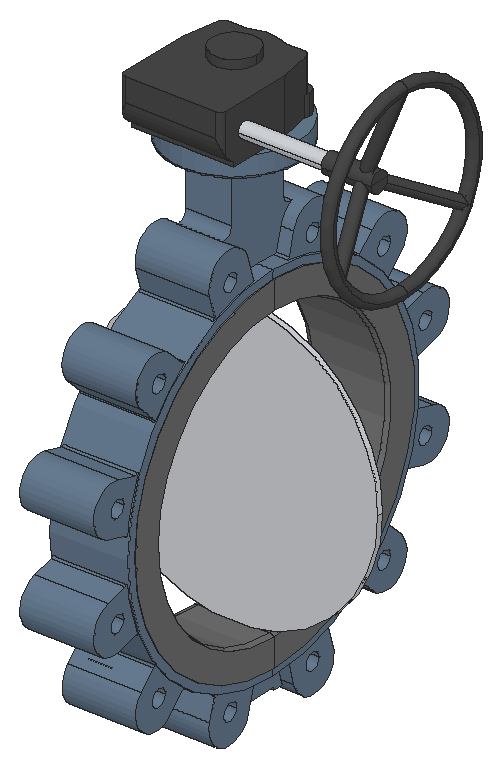
Revit family "Absperr- und Regulierklappe mit Getriebe AF-4219", category Rohrzubehör, Revit 2019 (continued)
Definition of nested family "Getriebe für Klappe DN50-DN200"
  Dimensions and locks
    "R01": radius of Extrusion 1 sketch curve
    "R03": radius of Extrusion 2 sketch curve  (x2)
    "R06": radius of Revolve 6 sketch curve
    "W01": angle Extrusion 1 sketch curve to Extrusion 1 sketch curve  (x2)
    aligned and locked: level to plane 2
  Automatic sketch dimensions
    Extrusion 3 sketch curve to level = 0 mm
    plane 1 "Mitte (Vorne/hinten)" to Extrusion 3 sketch curve = 80 mm
    Extrusion 3 sketch curve to Extrusion 3 sketch curve = 15.427 mm
    Extrusion 3 sketch curve to Extrusion 3 sketch curve = 13.173 mm
    level to Extrusion 3 sketch curve = 4.9 mm
    plane 1 "Mitte (Vorne/hinten)" to Extrusion 5 sketch curve = 0 mm
    Extrusion 5 sketch curve to plane 3 "Mitte (Links/rechts)" = 0 mm
    level to Revolve 7 sketch curve = 28.6 mm  (x2)
    plane 3 "Mitte (Links/rechts)" to Revolve 7 sketch curve = 172 mm
    level to Revolve 7 sketch curve = 26.361 mm
    Revolve 7 sketch curve to Revolve 7 sketch curve = 5.567 mm
    level to Revolve 7 sketch curve = 120.6 mm
    Revolve 7 sketch curve to Revolve 7 sketch curve = 0 mm  (x3)
    plane 3 "Mitte (Links/rechts)" to Revolve 10 sketch curve = 172 mm
    Revolve 10 sketch curve to Revolve 10 sketch curve = 5.567 mm
    Revolve 10 sketch curve to Revolve 10 sketch curve = 37 mm
    Revolve 10 sketch curve to Revolve 10 sketch curve = 2.239 mm
    Revolve 10 sketch curve to Revolve 10 sketch curve = 0 mm  (x4)
    plane 3 "Mitte (Links/rechts)" to Revolve 9 sketch curve = 172 mm
    Revolve 9 sketch curve to Revolve 9 sketch curve = 5.567 mm
    Revolve 9 sketch curve to Revolve 9 sketch curve = 37 mm
    Revolve 9 sketch curve to Revolve 9 sketch curve = 2.239 mm
    Revolve 9 sketch curve to Revolve 9 sketch curve = 0 mm  (x4)
    Extrusion 1 sketch curve to plane 3 "Mitte (Links/rechts)" = 0 mm
    plane 1 "Mitte (Vorne/hinten)" to Extrusion 1 sketch curve = 0 mm  (x2)
    Extrusion 1 sketch curve to plane 1 "Mitte (Vorne/hinten)" = 35.392 mm
    Extrusion 1 sketch curve to Extrusion 1 sketch curve = 18.48 mm  (x2)
    Extrusion 2 sketch curve to plane 3 "Mitte (Links/rechts)" = 35.7 mm
    plane 3 "Mitte (Links/rechts)" to Extrusion 2 sketch curve = 35.7 mm
    Revolve 4 sketch curve to plane 3 "Mitte (Links/rechts)" = 0 mm  (x2)
    Revolve 4 sketch curve to Revolve 4 sketch curve = 0 mm  (x2)
    Revolve 6 sketch curve to plane 3 "Mitte (Links/rechts)" = 1506.53 mm
    Revolve 6 sketch curve to Revolve 6 sketch curve = 1630.148 mm
    Revolve 8 sketch curve to Revolve 8 sketch curve = 7.5 mm
    Revolve 8 sketch curve to Revolve 8 sketch curve = 0 mm  (x2)
    radius of Extrusion 5 sketch curve = 22.3 mm
Definition of nested family "Getriebe für Klappe DN250-DN300"
  Parameters (values of type "Getriebe für Klappe DN250-DN300")
    W01 = 11.19°  # constant formula
    URL = "www.herz-armaturen.at"
    R07 = 92 mm  # constant formula
    R06 = 6 mm  # constant formula
    R05 = 10 mm  # constant formula
    R04 = 7.5 mm  # constant formula
    R03 = 10.5 mm  # constant formula
    R02 = 5.4 mm  # constant formula
    R01 = 44.9 mm  # constant formula
    M01 = 37 mm  # constant formula
    L03 = 52 mm  # constant formula
    L02 = 39.6 mm  # constant formula
    L01 = 80 mm  # constant formula
    Manufacturer = "Herz-Armaturen GmbH"  # constant formula
    H03 = 28.6 mm  # constant formula
    H02 = 20 mm  # constant formula
    H01 = 54 mm  # constant formula
    B05 = 209 mm  # constant formula
    B04 = 22 mm  # constant formula
    B03 = 50 mm  # constant formula
    B02 = 159 mm  # constant formula
    B01 = 51 mm  # constant formula
    A01 = 28.6 mm  # constant formula
  Reference planes
    plane 1 "Mitte (Vorne/hinten)": y = 0
    plane 2: z = 0
    plane 3 "Mitte (Links/rechts)": x = 0
  Forms (mm)
    Extrusion 1, solid, detail levels fine
      sketch origin (0, 0, 0) x (1, 0, 0) y (0, 1, 0)
        loop
          line (51, 0) -> (43.999, 35.392)
          arc (43.999, 35.392) -> (42.103, 38.419) -> (38.732, 39.6) r 5.4
          line (38.732, 39.6) -> (20.252, 39.6)
          arc (20.252, 39.6) -> (0, 44.427) -> (-20.252, 39.6) r 44.9
          line (-20.252, 39.6) -> (-38.732, 39.6)
          arc (-38.732, 39.6) -> (-42.103, 38.419) -> (-43.999, 35.392) r 5.4
          line (-43.999, 35.392) -> (-51, 0) -> (-51, -74.6)
          arc (-51, -74.6) -> (-49.418, -78.418) -> (-45.6, -80) r 5.4
          line (-45.6, -80) -> (45.6, -80)
          arc (45.6, -80) -> (49.418, -78.418) -> (51, -74.6) r 5.4
          line (51, -74.6) -> (51, 0)
      from 0 to 54
    Extrusion 2, solid, detail levels fine
      sketch origin (0, 0, 0) x (1, 0, 0) y (0, 1, 0)
        loop
          circle (-35.7, 37) r 10.5
        loop
          circle (35.7, 37) r 10.5
      from 0 to 20
    Extrusion 3, void
      sketch origin (0, 0, 0) x (0, 1, 0) y (0, 0, 1)
        loop
          line (-80, 0) -> (-64.573, 0) -> (-64.573, 4.9)
          arc (-64.573, 4.9) -> (-75.841, 15.433) -> (-80, 30.286) r 28.6
          line (-80, 30.286) -> (-80, 0)
      from -51 to 51
    Revolve 4, solid, detail levels fine
      sketch origin (0, 0, 28.6) x (1, 0, 0) y (0, 1, 0)
        loop
          line (0, -52) -> (0, -59.5) -> (159, -59.5) -> (159, -52) -> (0, -52)
        axis (0, -52) -> (159, -52)
      angle from 0 to 360
    Extrusion 5, solid, detail levels fine
      sketch origin (0, 0, 0) x (1, 0, 0) y (0, 1, 0)
        loop
          circle (0, 0) r 22.3
      from 54 to 62.5
    Revolve 6, solid, detail levels fine
      sketch origin (0, -52, 28.6) x (1, 0, 0) y (0, 0, 1)
        loop
          circle (209, 92) r 6
        axis (203, 0) -> (215, 0)
      angle from 0 to 360
    Revolve 7, solid, detail levels fine
      sketch origin (0, -52, 0) x (1, 0, 0) y (0, 0, 1)
        loop
          line (209, 120.6) -> (172, 28.6) -> (177.567, 26.361) -> (214.567, 118.361) -> (209, 120.6)
        axis (172, 28.6) -> (209, 120.6)
      angle from 0 to 360
    Revolve 8, solid, detail levels fine
      sketch origin (0, 0, 28.6) x (1, 0, 0) y (0, 1, 0)
        loop
          line (137, -59.5) -> (137, -62) -> (187, -62) -> (187, -52) -> (159, -52) -> (159, -59.5) -> (137, -59.5)
        axis (137, -52) -> (187, -52)
      angle from 0 to 360
    Revolve 9, solid, detail levels fine
      sketch origin (0, -27.232, 42.9) x (1, 0, 0) y (0, -0.866025, -0.5)
        loop
          line (209, 120.6) -> (172, 28.6) -> (177.567, 26.361) -> (214.567, 118.361) -> (209, 120.6)
        axis (172, 28.6) -> (209, 120.6)
      angle from 0 to 360
    Revolve 10, solid, detail levels fine
      sketch origin (0, -76.768, 42.9) x (1, 0, 0) y (0, 0.866025, -0.5)
        loop
          line (209, 120.6) -> (172, 28.6) -> (177.567, 26.361) -> (214.567, 118.361) -> (209, 120.6)
        axis (172, 28.6) -> (209, 120.6)
      angle from 0 to 360
  Cuts and joins
    Extrusion 3 cuts Extrusion 1
  Dimensions and locks
    "B01": Extrusion 1 sketch curve to plane 3 "Mitte (Links/rechts)"
    "B01": plane 3 "Mitte (Links/rechts)" to Extrusion 1 sketch curve
    "L02": plane 1 "Mitte (Vorne/hinten)" to Extrusion 1 sketch curve  (x2)
    "L01": Extrusion 1 sketch curve to plane 1 "Mitte (Vorne/hinten)"
    "M01": plane 1 "Mitte (Vorne/hinten)" to Extrusion 2 sketch curve  (x2)
    "H01": Extrusion 1 to plane 2
    "H02": Extrusion 2 to plane 2
    "L03": Revolve 4 sketch curve to plane 1 "Mitte (Vorne/hinten)"
    "R04": Revolve 4 sketch curve to Revolve 4 sketch curve
    "B02": Revolve 4 sketch curve to Revolve 4 sketch curve
    "H03": Revolve 8 to plane 2
    "H03": Revolve 4 to plane 2
    "L03": Revolve 8 sketch curve to plane 1 "Mitte (Vorne/hinten)"
    "B02": plane 3 "Mitte (Links/rechts)" to Revolve 8 sketch curve
    "R05": Revolve 8 sketch curve to Revolve 8 sketch curve
    "B03": Revolve 8 sketch curve to Revolve 8 sketch curve
    "B04": Revolve 8 sketch curve to Revolve 8 sketch curve
    "R04": Revolve 8 sketch curve to Revolve 8 sketch curve
    "B05": Revolve 6 sketch curve to plane 3 "Mitte (Links/rechts)"
    "R07": Revolve 6 sketch curve to Revolve 6 sketch curve
    "A01": plane 2 to Revolve 6 sketch curve
    "R02": radius of Extrusion 1 sketch curve  (x4)
    "R01": radius of Extrusion 1 sketch curve
    "R03": radius of Extrusion 2 sketch curve  (x2)
    "R06": radius of Revolve 6 sketch curve
    "W01": angle Extrusion 1 sketch curve to Extrusion 1 sketch curve  (x2)
    aligned and locked: level to plane 2
  Automatic sketch dimensions
    Extrusion 3 sketch curve to level = 0 mm
    plane 1 "Mitte (Vorne/hinten)" to Extrusion 3 sketch curve = 80 mm
    Extrusion 3 sketch curve to Extrusion 3 sketch curve = 15.427 mm
    Extrusion 3 sketch curve to Extrusion 3 sketch curve = 13.173 mm
    level to Extrusion 3 sketch curve = 4.9 mm
    plane 1 "Mitte (Vorne/hinten)" to Extrusion 5 sketch curve = 0 mm
    Extrusion 5 sketch curve to plane 3 "Mitte (Links/rechts)" = 0 mm
    level to Revolve 7 sketch curve = 28.6 mm  (x2)
    plane 3 "Mitte (Links/rechts)" to Revolve 7 sketch curve = 172 mm
    level to Revolve 7 sketch curve = 26.361 mm
    Revolve 7 sketch curve to Revolve 7 sketch curve = 5.567 mm
    level to Revolve 7 sketch curve = 120.6 mm
    Revolve 7 sketch curve to Revolve 7 sketch curve = 0 mm  (x3)
    plane 3 "Mitte (Links/rechts)" to Revolve 10 sketch curve = 172 mm
    Revolve 10 sketch curve to Revolve 10 sketch curve = 5.567 mm
    Revolve 10 sketch curve to Revolve 10 sketch curve = 37 mm
    Revolve 10 sketch curve to Revolve 10 sketch curve = 2.239 mm
    Revolve 10 sketch curve to Revolve 10 sketch curve = 0 mm  (x4)
    plane 3 "Mitte (Links/rechts)" to Revolve 9 sketch curve = 172 mm
    Revolve 9 sketch curve to Revolve 9 sketch curve = 5.567 mm
    Revolve 9 sketch curve to Revolve 9 sketch curve = 37 mm
    Revolve 9 sketch curve to Revolve 9 sketch curve = 2.239 mm
    Revolve 9 sketch curve to Revolve 9 sketch curve = 0 mm  (x4)
    Extrusion 1 sketch curve to plane 3 "Mitte (Links/rechts)" = 0 mm
    plane 1 "Mitte (Vorne/hinten)" to Extrusion 1 sketch curve = 0 mm  (x2)
    Extrusion 1 sketch curve to plane 1 "Mitte (Vorne/hinten)" = 35.392 mm
    Extrusion 1 sketch curve to Extrusion 1 sketch curve = 18.48 mm  (x2)
    Extrusion 2 sketch curve to plane 3 "Mitte (Links/rechts)" = 35.7 mm
    plane 3 "Mitte (Links/rechts)" to Extrusion 2 sketch curve = 35.7 mm
    Revolve 4 sketch curve to plane 3 "Mitte (Links/rechts)" = 0 mm  (x2)
    Revolve 4 sketch curve to Revolve 4 sketch curve = 0 mm  (x2)
    Revolve 6 sketch curve to plane 3 "Mitte (Links/rechts)" = 1506.53 mm
    Revolve 6 sketch curve to Revolve 6 sketch curve = 1630.148 mm
    Revolve 8 sketch curve to Revolve 8 sketch curve = 7.5 mm
    Revolve 8 sketch curve to Revolve 8 sketch curve = 0 mm  (x2)
    radius of Extrusion 5 sketch curve = 22.3 mm
